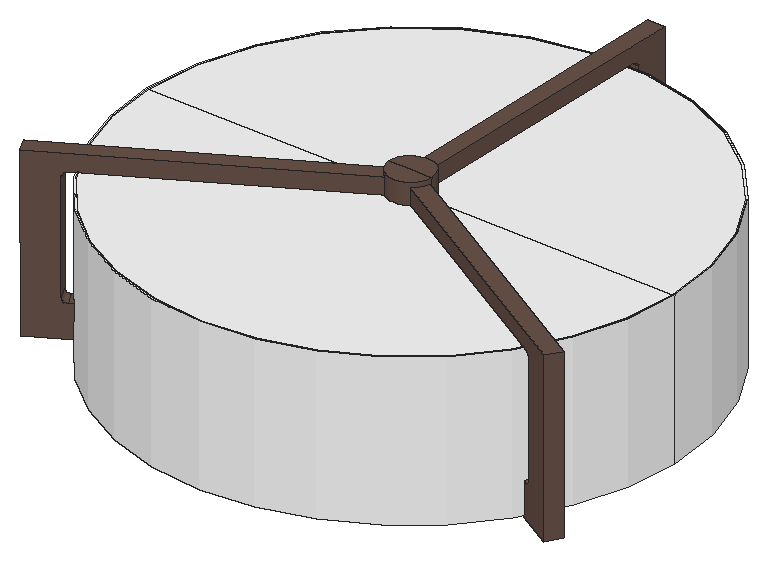
Revit family "AFX-Apex-Flush_Mount", category Lighting Fixtures, host Face, Revit 2021
Family settings
  Host = Face
  Round Connector Dimension = Use Diameter
  Part Type = Normal
  Cut with Voids When Loaded = No
  Light Source = Yes
  Shared = No
  Room Calculation Point = No
Parameters (values of type "APF1214LAJUDES")
  Wattage Comments = "9"
  Wattage = 9.2903 W
  built-in parameter 1150110 = 1 (stored number, unit not read)
  Voltage = 120 V
  URL = "https://www.afxinc.com/"
  Type Comments = "Apex"  # constant formula
  built-in parameter 1114217 = 1 (stored number, unit not read)
  Tilt Angle = 90.00°
  built-in parameter 1150109 = 1 (stored number, unit not read)
  built-in parameter 1150134 = 3
  Sustainability = "https://lamprecycle.org/en/"
  built-in parameter 1150113 = 1 (stored number, unit not read)
  Supports Finish = AFX - Wood
  Revit File Built By = "https://servex-us.com/servex-revit/"
  Product Documentation Link = "https://www.afxinc.com/products/productDetail.cfm?productID=108"
  Power Factor = 1
  Photometric Web File = "APF1524LAJxxxx-LW.ies"
  Model = "APF1214LAJUDES"
  Manufacturer = "AFX Inc"  # constant formula
  built-in parameter 1150105 = 109.82 (stored number, unit not read)
  Lumens = 1380 lm
  built-in parameter 1150115 = 1 (stored number, unit not read)
  built-in parameter 1150137 = (empty or 0)
  built-in parameter 1150139 = (empty or 0)
  built-in parameter 1150112 = 1 (stored number, unit not read)
  built-in parameter 1150114 = 1 (stored number, unit not read)
  Lamp = ""
  Keynote = "12500"  # constant formula
  built-in parameter 1150132 = (empty or 0)
  built-in parameter 1150102 = (empty or 0)
  built-in parameter 1150107 = 3200 (stored number, unit not read)
  built-in parameter 1150138 = (empty or 0)
  built-in parameter 1150106 = 1.0982 (stored number, unit not read)
  Housing Finish = AFX - Black Steel
  Height = 4 1/4"
  H SU = 3 7/8"
  Emit from Circle Diameter = 12"
  Emit Shape Visible in Rendering = no
  built-in parameter 1150104 = 13.8 (stored number, unit not read)
  Dist SU = 7 1/8"
  Dimming Lamp Color Temperature Shift = <None>
  Diffuser Finish = AFX - White Acrylic
  Diameter = 14 1/4"
  Description = "Led Flush Mount - 14 1/4\"Dia x 4 1/4\"H"
  Default Elevation = 48"
  Colour Rendering Index = "80"
  Color Filter = 16777215
  built-in parameter 1114218 = 1 (stored number, unit not read)
  built-in parameter 1150133 = 10 (stored number, unit not read)
  Assembly Code = "D5020200"
  Apparent Load = 0 VA
Types (6): name | Product Documentation Link | Photometric Web File | Model | Height | H SU | Emit from Circle Diameter | Dist SU | Diameter | Description
  (no name) | "https://www.afxinc.com/products/productDetail.cfm?productID=108" | "APF1524LAJxxxx-LW.ies" | "APF1214LAJUDES" | 4 1/4" | 3 7/8" | 12" | 7 1/8" | 14 1/4" | "Led Flush Mount - 14 1/4\"Dia x 4 1/4\"H"
  APF1214LAJUDES | "https://www.afxinc.com/products/productDetail.cfm?productID=108" | "APF1524LAJxxxx-LW.ies" | "APF1214LAJUDES" | 4 1/4" | 3 7/8" | 12" | 7 1/8" | 14 1/4" | "Led Flush Mount - 14 1/4\"Dia x 4 1/4\"H"
  APF1524LAJUDES | "https://www.afxinc.com/products/productDetail.cfm?productID=109" | "APF1524LAJxxxx-LW.ies" | "APF1524LAJUDES" | 4 1/4" | 3 7/8" | 15" | 8 1/2" | 17" | "Led Flush Mount - 17\"Dia x 4 1/4\"H"
  APF1932LAJUDES | "https://www.afxinc.com/products/productDetail.cfm?productID=114" | "APF1932LAJxxxx-LW.ies" | "APF1932LAJUDES" | 4 1/4" | 3 7/8" | 18" | 10 5/8" | 21 1/4" | "Led Flush Mount - 21 1/4\"Dia x 4 1/4\"H"
  APF2432L5AJUDES | "https://www.afxinc.com/products/productDetail.cfm?productID=2223" | "APF1932LAJxxxx-LW.ies" | "APF2432L5AJUDES" | 6" | 5 45/64" | 24" | 13 5/8" | 27 1/4" | "Led Flush Mount - 27 1/4\"Dia x 6\"H"
  APF3044L5AJUDES | "https://www.afxinc.com/products/productDetail.cfm?productID=2245" | "APF1932LAJxxxx-LW.ies" | "APF3044L5AJUDES" | 7 1/4" | 6 61/64" | 30" | 16 11/16" | 33 3/8" | "Led Flush Mount - 33 3/8\"Dia x 7 1/4\"H"
Reference planes (in)
  plane 1 "Center (Front/Back)": y = 0.13952
  plane 2: z = 0
  plane 3 "Center (Left/Right)": x = 0
  plane 4: x = -7.125
  plane 5: x = 7.125
  plane 6: y = 7.26452
  plane 7: y = -6.98548
  plane 8: z = 4.25
  plane 9: through (-0.21651, 0.01452, 48) normal (0.5, -0.866, 0)
  plane 10: through (0.21651, 0.01452, 48) normal (0.5, 0.866, 0)
  plane 11: z = 0.30009
Forms (in)
  Revolve 1, solid
    sketch origin (0, 0.13952, 0) x (1, 0, 0) y (0, 0, 1)
      loop
        line (5.11067, 0.30009) -> (6.08859, 0.30009) -> (6.08859, 0.42509) -> (5.11067, 0.42509) -> (5.11067, 0.30009)
      axis (0, 0.42509) -> (0, 0.30009)
    angle from 0 to 360
  Revolve 2, solid, material "AFX - White Acrylic" <- "Diffuser Finish"
    sketch origin (0, 0.13952, 0) x (1, 0, 0) y (0, 0, 1)
      loop
        line (6.08859, 3.70009) -> (6.08859, 3.80009) -> (0, 3.80009) -> (0, 3.70009) -> (6.08859, 3.70009)
      axis (0, 3.80009) -> (0, 3.70009)
    angle from 0 to 360
  Revolve 3, solid, material "AFX - Black Steel" <- "Housing Finish"
    sketch origin (0, 0.13952, 0) x (1, 0, 0) y (0, 0, 1)
      loop
        line (0, 0.76009) -> (0, 0.16014) -> (3.80143, 0.16014) -> (4.11572, 0) -> (5.06248, 0) -> (5.06248, 0.76009) -> (0, 0.76009)
      axis (0, 0) -> (0, 0.76009)
    angle from 0 to 360
  Revolve 4, solid, material "AFX - White Acrylic" <- "Diffuser Finish"
    sketch origin (0, 0.13952, 0) x (1, 0, 0) y (0, 0, 1)
      loop
        line (6.125, 3.80009) -> (6.08859, 3.80009) -> (6.08859, 0.30009) -> (6.125, 0.30009) -> (6.125, 3.80009)
      axis (0, 3.80009) -> (0, 0.30009)
    angle from 0 to 360
  Revolve 5, solid, material "AFX - Wood" <- "Supports Finish"
    sketch origin (0, 0.13952, 0) x (1, 0, 0) y (0, 0, 1)
      loop
        line (0.49553, 3.80009) -> (0.49553, 4.2711) -> (0, 4.2711) -> (0, 3.80009) -> (0.49553, 3.80009)
      axis (0, 4.2711) -> (0, 3.80009)
    angle from 0 to 360
Lines and regions (in)
  symbolic lines
    curve 1: arc (6.125, 0.13952, 0) -> (0, 6.26452, 0) -> (-6.125, 0.13952, 0) r 6.125
    curve 2: arc (6.08859, 0.13952, 0) -> (0, 6.22812, 0) -> (-6.08859, 0.13952, 0) r 6.08859
    curve 3: arc (-6.125, 0.13952, 0) -> (0, -5.98548, 0) -> (6.125, 0.13952, 0) r 6.125
    curve 4: arc (-6.08859, 0.13952, 0) -> (0, -5.94907, 0) -> (6.08859, 0.13952, 0) r 6.08859
  symbolic lines, style "LightingFixturesHiddenLines", detail levels fine
    curve 5: arc (5.11067, 0.13952, 0) -> (0, 5.25019, 0) -> (-5.11067, 0.13952, 0) r 5.11067
    curve 6: arc (-5.11067, 0.13952, 0) -> (0, -4.97115, 0) -> (5.11067, 0.13952, 0) r 5.11067
Dimensions and locks (in)
  "Diameter": plane 4 to plane 5
  "Diameter": plane 7 to plane 6
  "Height": plane 8 to plane 2
  equal spacing: plane 4, plane 3 "Center (Left/Right)", plane 5
  equal spacing: plane 7, plane 1 "Center (Front/Back)", plane 6
  plane 8 to plane 2 = 4 1/4"
  locked: plane 5 to Revolve 2 sketch curve at 1.03641
  locked: plane 8 to Revolve 4 sketch curve at 0.44991
  locked: Revolve 4 sketch curve to plane 2 at 0.30009
  plane 5 to Revolve 4 sketch curve to Revolve 4 sketch curve = 1" locked, 0.03641" locked
  Revolve 1 sketch curve to Revolve 1 sketch curve to plane 2 = 1/8" locked, 0.30009" locked
  Revolve 1 sketch curve to Revolve 1 sketch curve to plane 5 = 0.97792" locked, 1.03641" locked
  locked: plane 3 "Center (Left/Right)" to Revolve 5 sketch curve at 0.49553
  locked: Revolve 3 sketch curve to plane 5 at 2.06252
  plane 5 to Revolve 3 sketch curve to Revolve 3 sketch curve = 3.00928" locked, 0.31429" locked
  plane 6 to plane 1 "Center (Front/Back)" = 7 1/8"
  locked: Revolve 5 sketch curve to plane 8 at 0.0211
  locked: plane 8 to Revolve 5 sketch curve at 0.44991
  plane 8 to Revolve 2 sketch curve to Revolve 2 sketch curve = 0.44991" locked, 0.1" locked
  locked: Revolve 3 sketch curve to plane 2 at 0.76009
  aligned and locked: host face to plane 2
  aligned and locked: level to host face
  aligned and locked: nested 1 to plane 3 "Center (Left/Right)"
  aligned and locked: plane 3 "Center (Left/Right)" to Revolve 2 sketch curve
  aligned and locked: plane 3 "Center (Left/Right)" to Revolve 5 sketch curve
  aligned and locked: plane 3 "Center (Left/Right)" to Revolve 3 sketch curve
  aligned and locked: plane 2 to Revolve 3 sketch curve
  aligned and locked: nested 2 to plane 11
  aligned and locked: nested 1 to plane 11
  aligned and locked: imposter light to plane 8
  aligned and locked: imposter light to plane 3 "Center (Left/Right)"
  aligned and locked: curve 1 to Revolve 4
  aligned and locked: curve 2 to Revolve 4
  aligned and locked: curve 3 to Revolve 4
  aligned and locked: curve 4 to Revolve 4
  aligned and locked: curve 5 to Revolve 1
  aligned and locked: curve 6 to Revolve 1
Automatic sketch dimensions
  host sketch curve to host sketch curve = 96"  (x2)
  Revolve 3 sketch curve to plane 3 "Center (Left/Right)" = 0"
  level to Revolve 3 sketch curve = 41/256"
  Revolve 3 sketch curve to level = 1 1/2"
  Revolve 3 sketch curve to Revolve 3 sketch curve = 1.4775"
  Revolve 4 sketch curve to plane 3 "Center (Left/Right)" = 0"
  Revolve 4 sketch curve to level = 1 1/2"
  plane 8 to Revolve 4 sketch curve = 1 3/4"
  Revolve 2 sketch curve to plane 3 "Center (Left/Right)" = 0"
  Revolve 2 sketch curve to level = 2 3/4"
  plane 8 to Revolve 2 sketch curve = 2 1/2"
  Revolve 1 sketch curve to plane 3 "Center (Left/Right)" = 0"
  Revolve 1 sketch curve to level = 1"
  plane 8 to Revolve 1 sketch curve = 1 3/4"
  Revolve 5 sketch curve to plane 3 "Center (Left/Right)" = 0"
  Revolve 5 sketch curve to Revolve 5 sketch curve = 0.26095"
  Revolve 5 sketch curve to Revolve 5 sketch curve = 0.36752"
Nested families (in)
  nested 1: "SU" at (0, 0.13952, 0.30009) x (-1, 0, 0) z (0, 0, 1), Support Finish <- "Supports Finish", Dist SU <- "Dist SU", H SU <- "H SU", type "SU"
    with Support Finish AFX - Wood, H SU 3 7/8", Dist SU 7 1/8"
  nested 2: "SU" at (0, 0.13952, 0.30009) x (0.5, -0.866, 0) z (0, 0, 1), Support Finish <- "Supports Finish", Dist SU <- "Dist SU", H SU <- "H SU", type "SU"
    with Support Finish AFX - Wood, H SU 3 7/8", Dist SU 7 1/8"
  nested 3: "SU" at (0, 0.13952, 0.30009) x (-0.5, -0.866, 0) z (0, 0, 1), Support Finish <- "Supports Finish", Dist SU <- "Dist SU", H SU <- "H SU", type "SU"
    with Support Finish AFX - Wood, H SU 3 7/8", Dist SU 7 1/8"
Connectors (in)
  electrical at (0, 0.13952, 0.16014), driven by "Voltage", driven by "Apparent Load", driven by "Power Factor"
    settings: on Revolve 3, index 1, voltage 120 V, apparent load 0 VA, apparent load phase1 0 VA, apparent load phase2 0 VA, apparent load phase3 0 VA, power factor 1, load classification "Lighting", number of poles 1, system type 31, power factor state 1, is connector primary yes, connector utility no, sub classification motor no, connector description ""
Definition of nested family "SU"
  Parameters (values of type "SU")
    Support Finish [instance] = none
    H SU [instance] = 3 7/8"
    Dist SU [instance] = 18"
    Default Elevation = 0"
  Reference planes (in)
    plane 1 "Center (Front/Back)": y = 0
    plane 2: z = 0
    plane 3 "Center (Left/Right)": x = 0
    plane 4: y = -18
    plane 5: y = -17
    plane 6: z = 3.875
  Forms (in)
    Extrusion 1, solid, material <- "Support Finish"
      sketch origin (0, 0, 4.06949) x (0, 1, 0) y (0, 0, 1)
        loop
          line (-17.12754, -0.56949) -> (0, -0.56949) -> (0, -0.19449) -> (-18, -0.19449) -> (-18, -4.06949) -> (-17, -4.06949) -> (-17, -3.31949) -> (-17.1282, -3.31949)
          arc (-17.1282, -3.31949) -> (-17.21433, -3.28381) -> (-17.25, -3.19769) r 0.1218
          line (-17.25, -3.19769) -> (-17.25, -0.69195)
          arc (-17.25, -0.69195) -> (-17.21413, -0.60535) -> (-17.12754, -0.56949) r 0.12246
      from -0.1875 to 0.1875
  Lines and regions (in)
    symbolic lines
      curve 1: line (-0.1875, -17, 0) -> (0.1875, -17, 0)
      curve 2: line (-0.1875, -18, 0) -> (-0.1875, -17, 0)
      curve 3: line (0.1875, -18, 0) -> (-0.1875, -18, 0)
      curve 4: line (0.1875, -17, 0) -> (0.1875, -18, 0)
    symbolic lines, detail levels fine
      curve 5: line (-0.1875, -17, 0) -> (-0.1875, 0, 0)
      curve 6: line (-0.1875, 0, 0) -> (0.1875, 0, 0)
      curve 7: line (0.1875, 0, 0) -> (0.1875, -17, 0)
  Dimensions and locks (in)
    "Dist SU": plane 1 "Center (Front/Back)" to plane 4
    locked: Extrusion 1 sketch curve to Extrusion 1 sketch curve at 0.1282
    locked: Extrusion 1 sketch curve to Extrusion 1 sketch curve at 0.375
    locked: plane 5 to plane 4 at 1
    locked: plane 5 to Extrusion 1 sketch curve at 0.1282
    locked: plane 5 to Extrusion 1 sketch curve at 0.12754
    "H SU": plane 6 to plane 2
    locked: plane 6 to Extrusion 1 sketch curve at 0.49746
    plane 2 to Extrusion 1 sketch curve to Extrusion 1 sketch curve = 3/4" locked, 0.1218" locked
    aligned and locked: level to plane 2
    aligned and locked: plane 4 to Extrusion 1 sketch curve
    aligned and locked: plane 6 to Extrusion 1 sketch curve
  Automatic sketch dimensions
    plane 1 "Center (Front/Back)" to curve 5 = 0"
    plane 4 to curve 2 = 0"
    curve 1 to plane 3 "Center (Left/Right)" = 3/16"
    plane 3 "Center (Left/Right)" to curve 3 = 3/16"
    curve 2 to plane 4 = 1"
    Extrusion 1 sketch curve to plane 1 "Center (Front/Back)" = 0"
    level to Extrusion 1 sketch curve = 0"
